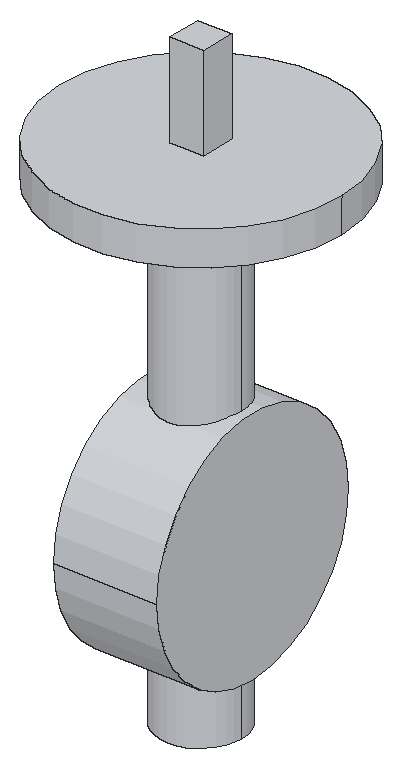
Revit family "HS497-68_disk-nerez_volné vřeteno DN040-RFA_2018", category Pipe Accessories, Revit 2018
Family settings
  Round Connector Dimension = Use Diameter
  Part Type = Valve - Breaks Into
  Work Plane-Based = No
  Always vertical = Yes
  Cut with Voids When Loaded = No
  Shared = No
Parameters (values of type "HS 497-68_DN040_PN16_volné vřeteno")
  magiProductId = "35f92312390745e88df5b5c325d9ee"
  magiProductFamilyId = "53cea81e6f374d17b8841d9c72ad77"
  magiPartTypeId = 305
  isMeasuringValve [instance] = no
  ang2D [instance] = 0.00°
  X11 = 61.456 mm
  X1 = 25.456 mm
  W2D = 1000 mm
  VersionID = "2.0/2017.9.26.1/ZETKAMA_497_001"
  Use Minimum Symbol Size [instance] = yes
  URL = "http://www.hydronic.cz"
  Type Comments = "mezipřírubová; nerezový disk; PN16; -10~+110°C (krátkodobě +120°C)"
  SW30 = no
  SW3 = no
  SW21 = no
  SW20 = no
  SW2 = no
  SW1 = yes
  R = 20 mm
  QmdConnectorList = "301;D;302;D"
  Productdata [instance] = ""
  NC = 50 mm
  Manufacturer = "Hydronic Systems Prague s.r.o."
  MM20 = 25.456 mm
  MC Product Code = "124 040 (nerezový disk, s volným vřetenem; DN40; PN16, kvs78)"
  M41 = 66 mm
  M4 = 44 mm
  LHL = 220 mm
  LHH3 = 2.45 mm
  LHH1 = 46.55 mm
  LH1 = 73.333 mm
  L4R__ve = -L4R  # -12.8 mm
  L4R = 12.8 mm
  L42__ve = -L42  # -96 mm
  L42 = 96 mm
  L41__ve = -L41  # -19.2 mm
  L41 = 19.2 mm
  L2D_Min = 3048 mm
  L2D = 216 mm
  L2 = 16.5 mm
  L1 = 26.4 mm
  L = 33 mm
  H = 30 mm
  G22 = 11.25 mm
  G2 = 22.5 mm
  G1 = 90 mm
  G = 90 mm
  F = 11 mm
  E44 = 31.25 mm
  E42 = 62.5 mm
  E4 = 125 mm
  E23 = 4.9 mm
  E22 = 19.6 mm
  E21 = 9.8 mm
  Description = "Mezipřírubová uzavírací klapka s volným vřetenem; nerezový disk, DN40; PN16; kvs78"
  DR2 = 20 mm
  DR = 76 mm
  DD1 = 15.625 mm
  DD = 12.5 mm
  D = 40 mm
  CAT0 = yes
  B2__ve = -B2  # -36 mm
  B2 = 36 mm
  A2 = 11 mm
  A1 = 79 mm
Types (43, lengths in mm): name | magiProductId | X11 | X1 | Type Comments | SW30 | SW3 | SW20 | SW2 | SW1 | R | NC | Manufacturer | MM20 | MC Product Code | M41 | M4 | LHL | LHH3 | LHH1 | LH1 | L4R__ve | L4R | L42__ve | L42 | L41__ve | L41 | L2 | L1 | L | H | G | F | E44 | E42 | E4 | E23 | E22 | E21 | Description | DR2 | DR | DD1 | DD | D | B2__ve | B2 | A2 | A1
  HS 497-68_DN100_PN16_volné vřeteno | "65d1b245f4f142c78569c0602d5754" | 61.456 | 25.456 | "mezipřírubová; nerezový disk; PN16; -10~+110°C (krátkodobě +120°C)" | no | no | no | no | yes | 50 | 50 | "Hydronic Systems Prague s.r.o." | 25.456 | "124 100 (nerezový disk, s volným vřetenem; DN100; PN16, kvs512)" | 66 | 44 | 220 | 2.45 | 46.55 | 73.333 | -12.8 | 12.8 | -96 | 96 | -19.2 | 19.2 | 26 | 41.6 | 52 | 30 | 90 | 11 | 31.25 | 62.5 | 125 | 4.9 | 19.6 | 9.8 | "Mezipřírubová uzavírací klapka s volným vřetenem; nerezový disk, DN100; PN16; kvs512" | 50 | 147 | 15.625 | 12.5 | 100 | -56 | 56 | 16.5 | 98.5
  HS 497-68_DN100_PN16_převodové kolo | "11e91b807e674d428c8e796fcdcfe2" | 61.456 | 25.456 | "mezipřírubová; nerezový disk; PN16; -10~+110°C (krátkodobě +120°C)" | yes | yes | no | no | no | 50 | 50 | "Hydronic Systems Prague s.r.o." | 25.456 | "126 100 (nerezový disk, s převodovým kolem; DN100; PN16, kvs512)" | 65.25 | 43.5 | 220 | 2.45 | 46.55 | 73.333 | -12.8 | 12.8 | -96 | 96 | -19.2 | 19.2 | 26 | 41.6 | 52 | 30 | 90 | 11 | 31.25 | 62.5 | 125 | 4.9 | 19.6 | 9.8 | "Mezipřírubová uzavírací klapka s převodovým kolem; nerezový disk, DN100; PN16; kvs512" | 50 | 147 | 15.625 | 12.5 | 100 | -56 | 56 | 16.5 | 98.5
  HS 497-68_DN100_PN16_s pákou | "28172f0b3f4b47b28323ac71cf8749" | 61.456 | 25.456 | "mezipřírubová; nerezový disk; PN16; -10~+110°C (krátkodobě +120°C)" | no | no | yes | yes | no | 50 | 50 | "Hydronic Systems Prague s.r.o." | 25.456 | "121 100 (nerezový disk, s pákou; DN100; PN16, kvs512)" | 66 | 44 | 260 | 3 | 57 | 86.667 | -12.8 | 12.8 | -96 | 96 | -19.2 | 19.2 | 26 | 41.6 | 52 | 30 | 90 | 11 | 31.25 | 62.5 | 125 | 6 | 24 | 12 | "Mezipřírubová uzavírací klapka s pákou; nerezový disk, DN100; PN16; kvs512" | 50 | 147 | 15.625 | 12.5 | 100 | -56 | 56 | 16.5 | 98.5
  HS 497-68_DN125_PN16_volné vřeteno | "0d813d910fc14f628bb3c2efbd185c" | 61.456 | 25.456 | "mezipřírubová; nerezový disk; PN16; -10~+110°C (krátkodobě +120°C)" | no | no | no | no | yes | 62.5 | 50 | "Hydronic Systems Prague s.r.o." | 25.456 | "124 125 (nerezový disk, s volným vřetenem; DN125; PN16, kvs872)" | 66 | 44 | 220 | 2.45 | 46.55 | 73.333 | -12.8 | 12.8 | -96 | 96 | -19.2 | 19.2 | 28 | 44.8 | 56 | 33 | 90 | 14 | 31.25 | 62.5 | 125 | 4.9 | 19.6 | 9.8 | "Mezipřírubová uzavírací klapka s volným vřetenem; nerezový disk, DN125; PN16; kvs872" | 62.5 | 180 | 15.625 | 12.5 | 125 | -64 | 64 | 18 | 99.5
  HS 497-68_DN125_PN16_převodové kolo | "c56b7c13f372467684996fb1e0e229" | 61.456 | 25.456 | "mezipřírubová; nerezový disk; PN16; -10~+110°C (krátkodobě +120°C)" | yes | yes | no | no | no | 62.5 | 50 | "Hydronic Systems Prague s.r.o." | 25.456 | "126125 (nerezový disk, s převodovým kolem; DN125; PN16, kvs872)" | 65.25 | 43.5 | 220 | 2.45 | 46.55 | 73.333 | -13.5 | 13.5 | -101.25 | 101.25 | -20.25 | 20.25 | 28 | 44.8 | 56 | 33 | 90 | 14 | 40 | 80 | 160 | 4.9 | 19.6 | 9.8 | "Mezipřírubová uzavírací klapka s převodovým kolem; nerezový disk, DN125; PN16; kvs872" | 62.5 | 180 | 20 | 16 | 125 | -64 | 64 | 18 | 99.5
  HS 497-68_DN125_PN16_s pákou | "105993c79a91492399feef7931321a" | 61.456 | 25.456 | "mezipřírubová; nerezový disk; PN16; -10~+110°C (krátkodobě +120°C)" | no | no | yes | yes | no | 62.5 | 50 | "Hydronic Systems Prague s.r.o." | 25.456 | "121 125 (nerezový disk, s pákou; DN125; PN16, kvs872)" | 66 | 44 | 315 | 3.75 | 71.25 | 105 | -12.8 | 12.8 | -96 | 96 | -19.2 | 19.2 | 28 | 44.8 | 56 | 33 | 90 | 14 | 31.25 | 62.5 | 125 | 7.5 | 30 | 15 | "Mezipřírubová uzavírací klapka s pákou; nerezový disk, DN125; PN16; kvs872" | 62.5 | 180 | 15.625 | 12.5 | 125 | -64 | 64 | 18 | 99.5
  HS 497-68_DN150_PN16_volné vřeteno | "50c80cb8ab434f55ab7796e5ac1331" | 61.456 | 25.456 | "mezipřírubová; nerezový disk; PN16; -10~+110°C (krátkodobě +120°C)" | no | no | no | no | yes | 75 | 50 | "Hydronic Systems Prague s.r.o." | 25.456 | "124 150 (nerezový disk, s volným vřetenem; DN150; PN16, kvs1347)" | 66 | 44 | 220 | 2.45 | 46.55 | 73.333 | -12.8 | 12.8 | -96 | 96 | -19.2 | 19.2 | 28 | 44.8 | 56 | 33 | 90 | 14 | 31.25 | 62.5 | 125 | 4.9 | 19.6 | 9.8 | "Mezipřírubová uzavírací klapka s volným vřetenem; nerezový disk, DN150; PN16; kvs1347" | 75 | 206 | 15.625 | 12.5 | 150 | -58 | 58 | 19.3 | 98.7
  HS 497-68_DN150_PN16_převodové kolo | "d94a1a0cf83b476eb10011b327f709" | 61.456 | 25.456 | "mezipřírubová; nerezový disk; PN16; -10~+110°C (krátkodobě +120°C)" | yes | yes | no | no | no | 75 | 50 | "Hydronic Systems Prague s.r.o." | 25.456 | "126 150 (nerezový disk, s převodovým kolem; DN150; PN16, kvs1347)" | 65.25 | 43.5 | 220 | 2.45 | 46.55 | 73.333 | -13.5 | 13.5 | -101.25 | 101.25 | -20.25 | 20.25 | 28 | 44.8 | 56 | 33 | 90 | 14 | 40 | 80 | 160 | 4.9 | 19.6 | 9.8 | "Mezipřírubová uzavírací klapka s převodovým kolem; nerezový disk, DN150; PN16; kvs1347" | 75 | 206 | 20 | 16 | 150 | -58 | 58 | 19.3 | 98.7
  HS 497-68_DN150_PN16_s pákou | "4d2835523fe84828bc50ff0a5a0dfb" | 61.456 | 25.456 | "mezipřírubová; nerezový disk; PN16; -10~+110°C (krátkodobě +120°C)" | no | no | yes | yes | no | 75 | 50 | "Hydronic Systems Prague s.r.o." | 25.456 | "121 150 (nerezový disk, s pákou; DN150; PN16, kvs1347)" | 66 | 44 | 315 | 3.75 | 71.25 | 105 | -12.8 | 12.8 | -96 | 96 | -19.2 | 19.2 | 28 | 44.8 | 56 | 33 | 90 | 14 | 31.25 | 62.5 | 125 | 7.5 | 30 | 15 | "Mezipřírubová uzavírací klapka s pákou; nerezový disk, DN150; PN16; kvs1347" | 75 | 206 | 15.625 | 12.5 | 150 | -58 | 58 | 19.3 | 98.7
  HS 497-68_DN200_PN16_volné vřeteno | "5b29029eaeba47139ee1055a4b9201" | 61.456 | 25.456 | "mezipřírubová; nerezový disk; PN16; -10~+110°C (krátkodobě +120°C)" | no | no | no | no | yes | 100 | 50 | "Hydronic Systems Prague s.r.o." | 25.456 | "124 200 (nerezový disk, s volným vřetenem; DN200; PN16, kvs2675)" | 66 | 44 | 220 | 2.45 | 46.55 | 73.333 | -12.8 | 12.8 | -96 | 96 | -19.2 | 19.2 | 30 | 48 | 60 | 33 | 90 | 17 | 31.25 | 62.5 | 125 | 4.9 | 19.6 | 9.8 | "Mezipřírubová uzavírací klapka s volným vřetenem; nerezový disk, DN200; PN16; kvs2675" | 100 | 257 | 15.625 | 12.5 | 200 | -70 | 70 | 22.5 | 102.5
  HS 497-68_DN200_PN16_převodové kolo | "b2793cc1fcc44cf2a35062cd67c04f" | 61.456 | 25.456 | "mezipřírubová; nerezový disk; PN16; -10~+110°C (krátkodobě +120°C)" | yes | yes | no | no | no | 100 | 57 | "Hydronic Systems Prague s.r.o." | 25.456 | "126 200 (nerezový disk, s převodovým kolem; DN200; PN16, kvs2675)" | 78.75 | 52.5 | 220 | 2.45 | 46.55 | 73.333 | -15.2 | 15.2 | -114 | 114 | -22.8 | 22.8 | 30 | 48 | 60 | 33 | 90 | 17 | 50 | 100 | 200 | 4.9 | 19.6 | 9.8 | "Mezipřírubová uzavírací klapka s převodovým kolem; nerezový disk, DN200; PN16; kvs2675" | 100 | 257 | 25 | 20 | 200 | -70 | 70 | 22.5 | 102.5
  HS 497-68_DN200_PN16_s pákou | "f88d96c7af224537a51e72d7d8fffe" | 61.456 | 25.456 | "mezipřírubová; nerezový disk; PN16; -10~+110°C (krátkodobě +120°C)" | no | no | yes | yes | no | 100 | 50 | "Hydronic Systems Prague s.r.o." | 25.456 | "121 200 (nerezový disk, s pákou; DN200; PN16, kvs2675)" | 66 | 44 | 315 | 3.75 | 71.25 | 105 | -12.8 | 12.8 | -96 | 96 | -19.2 | 19.2 | 30 | 48 | 60 | 33 | 90 | 17 | 31.25 | 62.5 | 125 | 7.5 | 30 | 15 | "Mezipřírubová uzavírací klapka s pákou; nerezový disk, DN200; PN16; kvs2675" | 100 | 257 | 15.625 | 12.5 | 200 | -70 | 70 | 22.5 | 102.5
  HS 497-68_DN250_PN16_volné vřeteno | "b662e8305ca2402b9c510e66e6aa55" | 88.77 | 36.77 | "mezipřírubová; nerezový disk; PN16; -10~+110°C (krátkodobě +120°C)" | no | no | no | no | yes | 125 | 50 | "Hydronic Systems Prague s.r.o." | 36.77 | "124 250 (nerezový disk, s volným vřetenem; DN250; PN16, kvs4555)" | 66 | 44 | 220 | 2.45 | 46.55 | 73.333 | -12.8 | 12.8 | -96 | 96 | -19.2 | 19.2 | 34 | 54.4 | 68 | 23 | 130 | 22 | 31.25 | 62.5 | 125 | 4.9 | 19.6 | 9.8 | "Mezipřírubová uzavírací klapka s volným vřetenem; nerezový disk, DN250; PN16; kvs4555" | 125 | 324 | 15.625 | 12.5 | 250 | -85 | 85 | 28.25 | 129.25
  HS 497-68_DN250_PN16_převodové kolo | "5ee9016806664ddfaa2632711f295c" | 88.77 | 36.77 | "mezipřírubová; nerezový disk; PN16; -10~+110°C (krátkodobě +120°C)" | yes | yes | no | no | no | 125 | 70 | "Hydronic Systems Prague s.r.o." | 36.77 | "126 250 (nerezový disk, s převodovým kolem; DN250; PN16, kvs4555)" | 91.5 | 61 | 220 | 2.45 | 46.55 | 73.333 | -22.2 | 22.2 | -166.5 | 166.5 | -33.3 | 33.3 | 34 | 54.4 | 68 | 23 | 130 | 22 | 62.5 | 125 | 250 | 4.9 | 19.6 | 9.8 | "Mezipřírubová uzavírací klapka s převodovým kolem; nerezový disk, DN250; PN16; kvs4555" | 125 | 324 | 31.25 | 25 | 250 | -85 | 85 | 28.25 | 129.25
  HS 497-68_DN300_PN16_volné vřeteno | "e1886f51ff004380a649519258edf2" | 88.77 | 36.77 | "mezipřírubová; nerezový disk; PN16; -10~+110°C (krátkodobě +120°C)" | no | no | no | no | yes | 150 | 50 | "Hydronic Systems Prague s.r.o." | 36.77 | "124 300 (nerezový disk, s volným vřetenem; DN300; PN16, kvs7037)" | 66 | 44 | 220 | 2.45 | 46.55 | 73.333 | -12.8 | 12.8 | -96 | 96 | -19.2 | 19.2 | 39 | 62.4 | 78 | 23 | 130 | 22 | 31.25 | 62.5 | 125 | 4.9 | 19.6 | 9.8 | "Mezipřírubová uzavírací klapka s volným vřetenem; nerezový disk, DN300; PN16; kvs7037" | 150 | 376 | 15.625 | 12.5 | 300 | -90 | 90 | 30.8 | 127.2
  HS 497-68_DN300_PN16_převodové kolo | "6860f094f77d42088fbebc3c97f755" | 88.77 | 36.77 | "mezipřírubová; nerezový disk; PN16; -10~+110°C (krátkodobě +120°C)" | yes | yes | no | no | no | 150 | 70 | "Hydronic Systems Prague s.r.o." | 36.77 | "126 300 (nerezový disk, s převodovým kolem; DN300; PN16, kvs7037)" | 91.5 | 61 | 220 | 2.45 | 46.55 | 73.333 | -22.2 | 22.2 | -166.5 | 166.5 | -33.3 | 33.3 | 39 | 62.4 | 78 | 23 | 130 | 22 | 62.5 | 125 | 250 | 4.9 | 19.6 | 9.8 | "Mezipřírubová uzavírací klapka s převodovým kolem; nerezový disk, DN300; PN16; kvs7037" | 150 | 376 | 31.25 | 25 | 300 | -90 | 90 | 30.8 | 127.2
  HS 497-68_DN032_PN16_volné vřeteno | "8c5f65de52aa4067a77564107e31b2" | 61.456 | 25.456 | "mezipřírubová; nerezový disk; PN16; -10~+110°C (krátkodobě +120°C)" | no | no | no | no | yes | 16 | 50 | "Hydronic Systems Prague s.r.o." | 25.456 | "124 032 (nerezový disk, s volným vřetenem; DN32; PN16, kvs78)" | 66 | 44 | 220 | 2.45 | 46.55 | 73.333 | -12.8 | 12.8 | -96 | 96 | -19.2 | 19.2 | 16.5 | 26.4 | 33 | 30 | 90 | 11 | 31.25 | 62.5 | 125 | 4.9 | 19.6 | 9.8 | "Mezipřírubová uzavírací klapka s volným vřetenem; nerezový disk, DN32; PN16; kvs78" | 16 | 68 | 15.625 | 12.5 | 32 | -44.2 | 44.2 | 10.25 | 76.25
  HS 497-68_DN032_PN16_převodové kolo | "60aaeffa8b3a4e809ef000e4660060" | 61.456 | 25.456 | "mezipřírubová; nerezový disk; PN16; -10~+110°C (krátkodobě +120°C)" | yes | yes | no | no | no | 16 | 50 | "Hydronic Systems Prague s.r.o." | 25.456 | "126 032 (nerezový disk, s převodovým kolem; DN32; PN16, kvs78)" | 65.25 | 43.5 | 220 | 2.45 | 46.55 | 73.333 | -12.8 | 12.8 | -96 | 96 | -19.2 | 19.2 | 16.5 | 26.4 | 33 | 30 | 90 | 11 | 31.25 | 62.5 | 125 | 4.9 | 19.6 | 9.8 | "Mezipřírubová uzavírací klapka s převodovým kolem; nerezový disk, DN32; PN16; kvs78" | 16 | 68 | 15.625 | 12.5 | 32 | -44.2 | 44.2 | 10.25 | 76.25
  HS 497-68_DN032_PN16_s pákou | "9ad8088d610749a1b871aa2aad8007" | 61.456 | 25.456 | "mezipřírubová; nerezový disk; PN16; -10~+110°C (krátkodobě +120°C)" | no | no | yes | yes | no | 16 | 50 | "Hydronic Systems Prague s.r.o." | 25.456 | "121 032 (nerezový disk, s pákou; DN32; PN16, kvs78)" | 66 | 44 | 220 | 2.45 | 46.55 | 73.333 | -12.8 | 12.8 | -96 | 96 | -19.2 | 19.2 | 16.5 | 26.4 | 33 | 30 | 90 | 11 | 31.25 | 62.5 | 125 | 4.9 | 19.6 | 9.8 | "Mezipřírubová uzavírací klapka s pákou; nerezový disk, DN32; PN16; kvs78" | 16 | 68 | 15.625 | 12.5 | 32 | -44.2 | 44.2 | 10.25 | 76.25
  HS 497-68_DN350_PN10_volné vřeteno | "72a1e05f22944421b7e9596a877137" | 109.255 | 45.255 | "mezipřírubová; nerezový disk; PN10; -10~+110°C (krátkodobě +120°C)" | no | no | no | no | yes | 175 | 50 | "Hydronic Systems Prague s.r.o." | 45.255 | "124 350 (nerezový disk, s volným vřetenem; DN350; PN10, kvs10165)" | 66 | 44 | 220 | 2.45 | 46.55 | 73.333 | -12.8 | 12.8 | -96 | 96 | -19.2 | 19.2 | 39 | 62.4 | 78 | 31 | 160 | 22 | 31.25 | 62.5 | 125 | 4.9 | 19.6 | 9.8 | "Mezipřírubová uzavírací klapka s volným vřetenem; nerezový disk, DN350; PN10; kvs10165" | 175 | 430 | 15.625 | 12.5 | 350 | -88 | 88 | 33.85 | 129.65
  HS 497-68_DN350_PN10_převodové kolo | "a5a01426cb28494ba3afca92f1dace" | 109.255 | 45.255 | "mezipřírubová; nerezový disk; PN10; -10~+110°C (krátkodobě +120°C)" | yes | yes | no | no | no | 175 | 70 | "Hydronic Systems Prague s.r.o." | 45.255 | "126 350 (nerezový disk, s převodovým kolem; DN350; PN10, kvs10165)" | 91.5 | 61 | 220 | 2.45 | 46.55 | 73.333 | -22.2 | 22.2 | -166.5 | 166.5 | -33.3 | 33.3 | 39 | 62.4 | 78 | 31 | 160 | 22 | 62.5 | 125 | 250 | 4.9 | 19.6 | 9.8 | "Mezipřírubová uzavírací klapka s převodovým kolem; nerezový disk, DN350; PN10; kvs10165" | 175 | 430 | 31.25 | 25 | 350 | -88 | 88 | 33.85 | 129.65
  HS 497-68_DN400_PN10_volné vřeteno | "c70ebeb927c04ab99b176e257ad0a7" | 109.255 | 45.255 | "mezipřírubová; nerezový disk; PN10; -10~+110°C (krátkodobě +120°C)" | no | no | no | no | yes | 200 | 50 | "Hydronic Systems Prague s.r.o." | 45.255 | "124 400 (nerezový disk, s volným vřetenem; DN400; PN10, kvs13799)" | 66 | 44 | 220 | 2.45 | 46.55 | 73.333 | -12.8 | 12.8 | -96 | 96 | -19.2 | 19.2 | 51 | 81.6 | 102 | 31 | 160 | 27 | 31.25 | 62.5 | 125 | 4.9 | 19.6 | 9.8 | "Mezipřírubová uzavírací klapka s volným vřetenem; nerezový disk, DN400; PN10; kvs13799" | 200 | 485 | 15.625 | 12.5 | 400 | -108 | 108 | 38 | 142
  HS 497-68_DN400_PN10_převodové kolo | "cc64a4384dcb41b780d81810f4f293" | 109.255 | 45.255 | "mezipřírubová; nerezový disk; PN10; -10~+110°C (krátkodobě +120°C)" | yes | yes | no | no | no | 200 | 72.5 | "Hydronic Systems Prague s.r.o." | 45.255 | "126 400 (nerezový disk, s převodovým kolem; DN400; PN10, kvs13799)" | 103.5 | 69 | 220 | 2.45 | 46.55 | 73.333 | -27.8 | 27.8 | -208.5 | 208.5 | -41.7 | 41.7 | 51 | 81.6 | 102 | 31 | 160 | 27 | 75 | 150 | 300 | 4.9 | 19.6 | 9.8 | "Mezipřírubová uzavírací klapka s převodovým kolem; nerezový disk, DN400; PN10; kvs13799" | 200 | 485 | 37.5 | 30 | 400 | -108 | 108 | 38 | 142
  HS 497-68_DN040_PN16_volné vřeteno | "35f92312390745e88df5b5c325d9ee" | 61.456 | 25.456 | "mezipřírubová; nerezový disk; PN16; -10~+110°C (krátkodobě +120°C)" | no | no | no | no | yes | 20 | 50 | "Hydronic Systems Prague s.r.o." | 25.456 | "124 040 (nerezový disk, s volným vřetenem; DN40; PN16, kvs78)" | 66 | 44 | 220 | 2.45 | 46.55 | 73.333 | -12.8 | 12.8 | -96 | 96 | -19.2 | 19.2 | 16.5 | 26.4 | 33 | 30 | 90 | 11 | 31.25 | 62.5 | 125 | 4.9 | 19.6 | 9.8 | "Mezipřírubová uzavírací klapka s volným vřetenem; nerezový disk, DN40; PN16; kvs78" | 20 | 76 | 15.625 | 12.5 | 40 | -36 | 36 | 11 | 79
  HS 497-68_DN040_PN16_převodové kolo | "d88e968eae3445bc9b7b4e6ff35127" | 61.456 | 25.456 | "mezipřírubová; nerezový disk; PN16; -10~+110°C (krátkodobě +120°C)" | yes | yes | no | no | no | 20 | 50 | "Hydronic Systems Prague s.r.o." | 25.456 | "126 040 (nerezový disk, s převodovým kolem; DN40; PN16, kvs78)" | 65.25 | 43.5 | 220 | 2.45 | 46.55 | 73.333 | -12.8 | 12.8 | -96 | 96 | -19.2 | 19.2 | 16.5 | 26.4 | 33 | 30 | 90 | 11 | 31.25 | 62.5 | 125 | 4.9 | 19.6 | 9.8 | "Mezipřírubová uzavírací klapka s převodovým kolem; nerezový disk, DN40; PN16; kvs78" | 20 | 76 | 15.625 | 12.5 | 40 | -36 | 36 | 11 | 79
  HS 497-68_DN040_PN16_s pákou | "c1b522ca65b4407a98818f232eaacb" | 61.456 | 25.456 | "mezipřírubová; nerezový disk; PN16; -10~+110°C (krátkodobě +120°C)" | no | no | yes | yes | no | 20 | 50 | "Hydronic Systems Prague s.r.o." | 25.456 | "121 040 (nerezový disk, s pákou; DN40; PN16, kvs78)" | 66 | 44 | 220 | 2.45 | 46.55 | 73.333 | -12.8 | 12.8 | -96 | 96 | -19.2 | 19.2 | 16.5 | 26.4 | 33 | 30 | 90 | 11 | 31.25 | 62.5 | 125 | 4.9 | 19.6 | 9.8 | "Mezipřírubová uzavírací klapka s pákou; nerezový disk, DN40; PN16; kvs78" | 20 | 76 | 15.625 | 12.5 | 40 | -36 | 36 | 11 | 79
  HS 497-68_DN450_PN10_volné vřeteno | "a8358bc282f14872b3194e530e590a" | 129.74 | 53.74 | "mezipřírubová; nerezový disk; PN10; -10~+110°C (krátkodobě +120°C)" | no | no | no | no | yes | 225 | 50 | "Hydronic Systems Prague s.r.o." | 53.74 | "124 450 (nerezový disk, s volným vřetenem; DN450; PN10, kvs18514)" | 66 | 44 | 220 | 2.45 | 46.55 | 73.333 | -12.8 | 12.8 | -96 | 96 | -19.2 | 19.2 | 57 | 91.2 | 114 | 38 | 190 | 36 | 31.25 | 62.5 | 125 | 4.9 | 19.6 | 9.8 | "Mezipřírubová uzavírací klapka s volným vřetenem; nerezový, DN450; PN10; kvs18514" | 225 | 536 | 15.625 | 12.5 | 450 | -115 | 115 | 38.05 | 117.45
  HS 497-68_DN450_PN10_převodové kolo | "cdf2d80f54a9414f9cbe50647c0ebd" | 129.74 | 53.74 | "mezipřírubová; nerezový disk; PN10; -10~+110°C (krátkodobě +120°C)" | yes | yes | no | no | no | 225 | 91.5 | "Zetkama" | 53.74 | "126 450 (nerezový disk, s převodovým kolem; DN450; PN10, kvs18514)" | 144.75 | 96.5 | 220 | 2.45 | 46.55 | 73.333 | -32.1 | 32.1 | -240.75 | 240.75 | -48.15 | 48.15 | 57 | 91.2 | 114 | 38 | 190 | 36 | 100 | 200 | 400 | 4.9 | 19.6 | 9.8 | "Mezipřírubová uzavírací klapka s převodovým kolem; nerezový disk, DN450; PN10; kvs18514" | 225 | 536 | 50 | 40 | 450 | -115 | 115 | 38.05 | 117.45
  HS 497-68_DN500_PN10_volné vřeteno | "8c396e27bb2743f98f3c762b6517cd" | 143.397 | 59.397 | "mezipřírubová; nerezový disk; PN10; -10~+110°C (krátkodobě +120°C)" | no | no | no | no | yes | 250 | 50 | "Hydronic Systems Prague s.r.o." | 59.397 | "124 500 (nerezový disk, s volným vřetenem; DN500; PN10, kvs23805)" | 66 | 44 | 220 | 2.45 | 46.55 | 73.333 | -12.8 | 12.8 | -96 | 96 | -19.2 | 19.2 | 63.5 | 101.6 | 127 | 38 | 210 | 36 | 31.25 | 62.5 | 125 | 4.9 | 19.6 | 9.8 | "Mezipřírubová uzavírací klapka s volným vřetenem; nerezový disk, DN500; PN10; kvs23805" | 250 | 593 | 15.625 | 12.5 | 500 | -130 | 130 | 43.25 | 139.25
  HS 497-68_DN500_PN10_převodové kolo | "7647804f32e94cef828a7034a91a46" | 143.397 | 59.397 | "mezipřírubová; nerezový disk; PN10; -10~+110°C (krátkodobě +120°C)" | yes | yes | no | no | no | 250 | 91.5 | "Zetkama" | 59.397 | "126 500 (nerezový disk, s převodovým kolem; DN500; PN10, kvs23805)" | 144.75 | 96.5 | 220 | 2.45 | 46.55 | 73.333 | -32.1 | 32.1 | -240.75 | 240.75 | -48.15 | 48.15 | 63.5 | 101.6 | 127 | 38 | 210 | 36 | 100 | 200 | 400 | 4.9 | 19.6 | 9.8 | "Mezipřírubová uzavírací klapka s převodovým kolem; nerezový disk, DN500; PN10; kvs23805" | 250 | 593 | 50 | 40 | 500 | -130 | 130 | 43.25 | 139.25
  HS 497-68_DN050_volné vřeteno | "d71f296ecd6d4adf8f6e5d9853b4e0" | 61.456 | 25.456 | "mezipřírubová; nerezový disk; PN16; -10~+110°C (krátkodobě +120°C)" | no | no | no | no | yes | 25 | 50 | "Hydronic Systems Prague s.r.o." | 25.456 | "124 050 (nerezový disk, s volným vřetenem; DN50; PN16, kvs98)" | 66 | 44 | 220 | 2.45 | 46.55 | 73.333 | -12.8 | 12.8 | -96 | 96 | -19.2 | 19.2 | 21.5 | 34.4 | 43 | 30 | 90 | 11 | 31.25 | 62.5 | 125 | 4.9 | 19.6 | 9.8 | "Mezipřírubová uzavírací klapka s volným vřetenem; nerezový disk, DN50; PN16; kvs98" | 25 | 100 | 15.625 | 12.5 | 50 | -36.5 | 36.5 | 12 | 83
  HS 497-68_DN050_PN16_převodové kolo | "2fb080deeaed49c58418b94c1da5a4" | 61.456 | 25.456 | "mezipřírubová; nerezový disk; PN16; -10~+110°C (krátkodobě +120°C)" | yes | yes | no | no | no | 25 | 50 | "Hydronic Systems Prague s.r.o." | 25.456 | "126 050 (nerezový disk, s převodovým kolem; DN50; PN16, kvs98)" | 65.25 | 43.5 | 220 | 2.45 | 46.55 | 73.333 | -12.8 | 12.8 | -96 | 96 | -19.2 | 19.2 | 21.5 | 34.4 | 43 | 30 | 90 | 11 | 31.25 | 62.5 | 125 | 4.9 | 19.6 | 9.8 | "Mezipřírubová uzavírací klapka s převodovým kolem; nerezový disk, DN50; PN16; kvs98" | 25 | 100 | 15.625 | 12.5 | 50 | -36.5 | 36.5 | 12 | 83
  HS 497-68_DN050_PN16_s pákou | "dabc632061f94877a994b9b4e68112" | 61.456 | 25.456 | "mezipřírubová; nerezový disk; PN16; -10~+110°C (krátkodobě +120°C)" | no | no | yes | yes | no | 25 | 50 | "Hydronic Systems Prague s.r.o." | 25.456 | "121 050 (nerezový disk, s pákou; DN50; PN16, kvs98)" | 66 | 44 | 220 | 2.45 | 46.55 | 73.333 | -12.8 | 12.8 | -96 | 96 | -19.2 | 19.2 | 21.5 | 34.4 | 43 | 30 | 90 | 11 | 31.25 | 62.5 | 125 | 4.9 | 19.6 | 9.8 | "Mezipřírubová uzavírací klapka s pákou; nerezový disk, DN50; PN16; kvs98" | 25 | 100 | 15.625 | 12.5 | 50 | -36.5 | 36.5 | 12 | 83
  HS 497-68_DN600_PN10_volné vřeteno | "99d5892c14664fce81a7c5903f7711" | 143.397 | 59.397 | "mezipřírubová; nerezový disk; PN10; -10~+110°C (krátkodobě +120°C)" | no | no | no | no | yes | 300 | 50 | "Hydronic Systems Prague s.r.o." | 59.397 | "124 600 (nerezový disk, s volným vřetenem; DN600; PN10, kvs36778)" | 66 | 44 | 220 | 2.45 | 46.55 | 73.333 | -12.8 | 12.8 | -96 | 96 | -19.2 | 19.2 | 77 | 123.2 | 154 | 80 | 210 | 60 | 31.25 | 62.5 | 125 | 4.9 | 19.6 | 9.8 | "Mezipřírubová uzavírací klapka s volným vřetenem; nerezový disk, DN600; PN10; kvs36788" | 300 | 690 | 15.625 | 12.5 | 600 | -140 | 140 | 49.4 | 144.6
  HS 497-68_DN600_PN10_převodové kolo | "b1e26faab48a4c499f6bb11e7e3002" | 143.397 | 59.397 | "mezipřírubová; lnerezový disk; PN10; -10~+110°C (krátkodobě +120°C)" | yes | yes | no | no | no | 300 | 140 | "Hydronic Systems Prague s.r.o." | 59.397 | "126 600 (nerezový disk, s převodovým kolem; DN600; PN10, kvs36778)" | 206.25 | 137.5 | 220 | 2.45 | 46.55 | 73.333 | -40.8 | 40.8 | -306 | 306 | -61.2 | 61.2 | 77 | 123.2 | 154 | 80 | 210 | 60 | 125 | 250 | 500 | 4.9 | 19.6 | 9.8 | "Mezipřírubová uzavírací klapka s převodovým kolem; nerezový disk, DN600; PN10; kvs36788" | 300 | 690 | 62.5 | 50 | 600 | -140 | 140 | 49.4 | 144.6
  HS 497-68_DN065_PN16_volné vřeteno | "5e5e208646e34ec29f889baab5d08e" | 61.456 | 25.456 | "mezipřírubová; lnerezový disk; PN16; -10~+110°C (krátkodobě +120°C)" | no | no | no | no | yes | 32.5 | 50 | "Hydronic Systems Prague s.r.o." | 25.456 | "124 065 (nerezový disk, s volným vřetenem; DN65; PN16, kvs167)" | 66 | 44 | 220 | 2.45 | 46.55 | 73.333 | -12.8 | 12.8 | -96 | 96 | -19.2 | 19.2 | 23 | 36.8 | 46 | 30 | 90 | 11 | 31.25 | 62.5 | 125 | 4.9 | 19.6 | 9.8 | "Mezipřírubová uzavírací klapka s volným vřetenem; nerezový disk, DN65; PN16; kv167" | 32.5 | 108 | 15.625 | 12.5 | 65 | -36.5 | 36.5 | 13.5 | 89
  HS 497-68_DN065_PN16_převodové kolo | "654d74c8d15540b0bfe523d988ccb3" | 61.456 | 25.456 | "mezipřírubová; nerezový disk; PN16; -10~+110°C (krátkodobě +120°C)" | yes | yes | no | no | no | 32.5 | 50 | "Hydronic Systems Prague s.r.o." | 25.456 | "126 065 (nerezový disk, s převodovým kolem; DN65; PN16, kvs167)" | 65.25 | 43.5 | 220 | 2.45 | 46.55 | 73.333 | -12.8 | 12.8 | -96 | 96 | -19.2 | 19.2 | 23 | 36.8 | 46 | 30 | 90 | 11 | 31.25 | 62.5 | 125 | 4.9 | 19.6 | 9.8 | "Mezipřírubová uzavírací klapka s převodovým kolem; nerezový disk, DN65; PN16; kvs167" | 32.5 | 108 | 15.625 | 12.5 | 65 | -36.5 | 36.5 | 13.5 | 89
  HS 497-68_DN065_PN16_s pákou | "ebeb4b59db0641caaf6d6635ab37b9" | 61.456 | 25.456 | "mezipřírubová; nerezový disk; PN16; -10~+110°C (krátkodobě +120°C)" | no | no | yes | yes | no | 32.5 | 50 | "Hydronic Systems Prague s.r.o." | 25.456 | "121 065 (nerezový disk, s pákou; DN65; PN16, kvs167)" | 66 | 44 | 220 | 2.45 | 46.55 | 73.333 | -12.8 | 12.8 | -96 | 96 | -19.2 | 19.2 | 23 | 36.8 | 46 | 30 | 90 | 11 | 31.25 | 62.5 | 125 | 4.9 | 19.6 | 9.8 | "Mezipřírubová uzavírací klapka s pákou; nerezový disk, DN65; PN16; kvs167" | 32.5 | 108 | 15.625 | 12.5 | 65 | -36.5 | 36.5 | 13.5 | 89
  HS 497-68_DN080_PN16_volné vřeteno | "9e85c75c18654e1185a9c48ed6b00e" | 61.456 | 25.456 | "mezipřírubová; nerezový disk; PN16; -10~+110°C (krátkodobě +120°C)" | no | no | no | no | yes | 40 | 50 | "Hydronic Systems Prague s.r.o." | 25.456 | "124 080 (nerezový disk, s volným vřetenem; DN80; PN16, kvs258)" | 66 | 44 | 220 | 2.45 | 46.55 | 73.333 | -12.8 | 12.8 | -96 | 96 | -19.2 | 19.2 | 23 | 36.8 | 46 | 30 | 90 | 11 | 31.25 | 62.5 | 125 | 4.9 | 19.6 | 9.8 | "Mezipřírubová uzavírací klapka s volným vřetenem; nerezový disk, DN80; PN16; kvs258" | 40 | 124 | 15.625 | 12.5 | 80 | -54 | 54 | 14.1 | 86.9
  HS 497-68_DN080_PN16_převodové kolo | "5b3c8238c3d041e68c75b199e7ea46" | 61.456 | 25.456 | "mezipřírubová; nerezový disk; PN16; -10~+110°C (krátkodobě +120°C)" | yes | yes | no | no | no | 40 | 50 | "Hydronic Systems Prague s.r.o." | 25.456 | "126 080 (nerezový disk, s převodovým kolem; DN80; PN16, kvs258)" | 65.25 | 43.5 | 220 | 2.45 | 46.55 | 73.333 | -12.8 | 12.8 | -96 | 96 | -19.2 | 19.2 | 23 | 36.8 | 46 | 30 | 90 | 11 | 31.25 | 62.5 | 125 | 4.9 | 19.6 | 9.8 | "Mezipřírubová uzavírací klapka s převodovým kolem; nerezový disk, DN80; PN16; kvs258" | 40 | 124 | 15.625 | 12.5 | 80 | -54 | 54 | 14.1 | 86.9
  HS 497-68_DN080_PN16_s pákou | "e414795fab0f4eccb99bc3572c5477" | 61.456 | 25.456 | "mezipřírubová; nerezový disk; PN16; -10~+110°C (krátkodobě +120°C)" | no | no | yes | yes | no | 40 | 50 | "Hydronic Systems Prague s.r.o." | 25.456 | "121 080 (nerezový disk, s pákou; DN80; PN16, kvs258)" | 66 | 44 | 260 | 3 | 57 | 86.667 | -12.8 | 12.8 | -96 | 96 | -19.2 | 19.2 | 23 | 36.8 | 46 | 30 | 90 | 11 | 31.25 | 62.5 | 125 | 6 | 24 | 12 | "Mezipřírubová uzavírací klapka s pákou; nerezový disk, DN80; PN16; kvs258" | 40 | 124 | 15.625 | 12.5 | 80 | -54 | 54 | 14.1 | 86.9
  HS 497-68_DN250_PN16_s pákou | "" | 88.77 | 36.77 | "mezipřírubová; nerezový disk; PN16; -10~+110°C (krátkodobě +120°C)" | no | no | yes | yes | no | 125 | 70 | "Hydronic Systems Prague s.r.o." | 36.77 | "121 250 (nerezový disk, s ákou; DN250; PN16, kvs4555)" | 91.5 | 61 | 220 | 2.45 | 46.55 | 73.333 | -22.2 | 22.2 | -166.5 | 166.5 | -33.3 | 33.3 | 34 | 54.4 | 68 | 23 | 130 | 22 | 62.5 | 125 | 250 | 4.9 | 19.6 | 9.8 | "Mezipřírubová uzavírací klapka s pákou; nerezový disk, DN250; PN16; kvs4555" | 125 | 324 | 31.25 | 25 | 250 | -85 | 85 | 28.25 | 129.25
  HS 497-68_DN300_PN16_s pákou | "" | 88.77 | 36.77 | "mezipřírubová; nerezový disk; PN16; -10~+110°C (krátkodobě +120°C)" | no | no | yes | yes | no | 150 | 70 | "Hydronic Systems Prague s.r.o." | 36.77 | "121 300 (nerezový disk, s pákou; DN300; PN16, kvs7037)" | 91.5 | 61 | 220 | 2.45 | 46.55 | 73.333 | -22.2 | 22.2 | -166.5 | 166.5 | -33.3 | 33.3 | 39 | 62.4 | 78 | 23 | 130 | 22 | 62.5 | 125 | 250 | 4.9 | 19.6 | 9.8 | "Mezipřírubová uzavírací klapka s pákou; nerezový disk, DN300; PN16; kvs7037" | 150 | 376 | 31.25 | 25 | 300 | -90 | 90 | 30.8 | 127.2
Reference planes
  plane 1 "Center (Front/Back)": y = 0
  plane 2 "XYPLANE": z = 0
  plane 3 "Center (Left/Right)": x = 0
  plane 4 "473": x = -25.456
  plane 5 "472": x = -66
  plane 6 "471": y = -25.456
  plane 7 "470": y = 25.456
  plane 8 "469": x = -44
  plane 9 "468": y = -115.2
  plane 10 "467": y = -96
  plane 11 "466": z = 141.25
  plane 12 "465": z = 156.55
  plane 13 "464": y = 145.417
  plane 14 "463": z = 146.75
  plane 15 "462": z = 129.6
  plane 16 "461": z = 139.4
  plane 17 "460": y = 72.083
  plane 18 "459": x = -11.25
  plane 19 "458": x = 11.25
  plane 20 "457": y = -6.25
  plane 21 "456": x = -17.5
  plane 22 "455": x = 17.5
  plane 23 "454": z = 144.3
  plane 24 "453": y = 62.083
  plane 25 "452": y = -11.25
  plane 26 "451": x = -22.5
  plane 27 "450": x = 22.5
  plane 28 "449": z = 124.7
  plane 29 "448": z = 119.8
  plane 30 "447": z = -20
  plane 31 "446": z = 110
  plane 32 "445": z = 99
  plane 33 "444": z = 20
  plane 34 "443": x = 16.5
  plane 35 "442": x = -16.5
  plane 36 "441": z = 0
  plane 37 "440": y = 0
  plane 38 "439": x = 0
  plane 39 "438": z = 159
  plane 40 "437": z = 144.3
  plane 41 "436": x = 13.7
  plane 42 "435": x = -13.7
  plane 43 "434": y = 220
Forms (mm)
  Extrusion 1, solid, visible <- "SW3"
    sketch origin (-750, 0, 110) x (1, 0, 0) y (0, 1, 0)
      loop
        line (684, 25.456) -> (684, -25.456) -> (724.544, -25.456)
        arc (724.544, -25.456) -> (786, 0) -> (724.544, 25.456) r 36
        line (724.544, 25.456) -> (684, 25.456)
    from 0 to 62.5 <- "E42"
  Extrusion 2, solid, visible <- "SW30"
    sketch origin (0, -750, 0) x (0, 1, 0) y (0, 0, 1)
      loop
        circle (750, 141.25) r 7.813
    from 0 to 50 <- "NC"
  Extrusion 3, solid, visible <- "SW30"
    sketch origin (750, -115.2, 0) x (-1, 0, 0) y (0, 0, 1)
      loop
        circle (794, 141.25) r 62.5
    from 0 to -12.8 <- "L4R__ve"
  Extrusion 4, solid, visible <- "SW3"
    sketch origin (750, -96, 0) x (-1, 0, 0) y (0, 0, 1)
      loop
        circle (794, 141.25) r 7.813
    from 0 to -19.2 <- "L41__ve"
  Extrusion 5, solid, visible <- "SW30"
    sketch origin (750, 0, 0) x (-1, 0, 0) y (0, 0, 1)
      loop
        circle (794, 141.25) r 6.25
    from 0 to -96 <- "L42__ve"
  Blend 6, solid, visible <- "SW21"
    base sketch origin (750, 72.083, 0) x (-1, 0, 0) y (0, 0, 1)
      loop
        line (761.25, 139.4) -> (738.75, 139.4) -> (738.75, 129.6) -> (761.25, 129.6) -> (761.25, 139.4)
    top sketch origin (750, 72.083, 0) x (-1, 0, 0) y (0, 0, 1)
      loop
        line (761.25, 156.55) -> (738.75, 156.55) -> (738.75, 146.75) -> (761.25, 146.75) -> (761.25, 156.55)
    from 0 to 73.333
  Blend 7, solid, visible <- "SW21"
    base sketch origin (750, 62.083, 0) x (-1, 0, 0) y (0, 0, 1)
      loop
        line (761.25, 144.3) -> (738.75, 144.3) -> (738.75, 124.7) -> (761.25, 124.7) -> (761.25, 144.3)
    top sketch origin (750, 62.083, 0) x (-1, 0, 0) y (0, 0, 1)
      loop
        line (761.25, 139.4) -> (738.75, 139.4) -> (738.75, 129.6) -> (761.25, 129.6) -> (761.25, 139.4)
    from 0 to 10
  Blend 8, solid, visible <- "SW21"
    base sketch origin (-750, 0, 124.7) x (1, 0, 0) y (0, 1, 0)
      loop
        line (772.5, 62.083) -> (727.5, 62.083) -> (727.5, -11.25)
        arc (727.5, -11.25) -> (750, -31.25) -> (772.5, -11.25) r 22.656
        line (772.5, -11.25) -> (772.5, 62.083)
    top sketch origin (-750, 0, 124.7) x (1, 0, 0) y (0, 1, 0)
      loop
        line (767.5, 62.083) -> (732.5, 62.083) -> (732.5, -6.25)
        arc (732.5, -6.25) -> (750, -26.25) -> (767.5, -6.25) r 17.656
        line (767.5, -6.25) -> (767.5, 62.083)
    from 0 to 19.6
  Extrusion 9, solid, visible <- "SW2"
    sketch origin (-750, 0, 119.8) x (1, 0, 0) y (0, 1, 0)
      loop
        circle (750, 0) r 11.25
    from 0 to 4.9 <- "E23"
  Extrusion 10, solid, visible <- "SW2"
    sketch origin (-750, 0, 110) x (1, 0, 0) y (0, 1, 0)
      loop
        circle (750, 0) r 45
    from 0 to 9.8 <- "E21"
  Extrusion 11, solid, visible <- "CAT0"
    sketch origin (-750, 0, -20) x (1, 0, 0) y (0, 1, 0)
      loop
        circle (750, 0) r 13.2
    from 0 to -36 <- "B2__ve"
  Extrusion 12, solid, visible <- "CAT0"
    sketch origin (-750, 0, 99) x (1, 0, 0) y (0, 1, 0)
      loop
        circle (750, 0) r 45
    from 0 to 11 <- "A2"
  Extrusion 13, solid, visible <- "CAT0"
    sketch origin (-750, 0, 20) x (1, 0, 0) y (0, 1, 0)
      loop
        circle (750, 0) r 13.2
    from 0 to 79 <- "A1"
  Extrusion 14, solid, visible <- "CAT0"
    sketch origin (-16.5, -750, 0) x (0, 1, 0) y (0, 0, 1)
      loop
        circle (750, 0) r 38
    from 0 to 33 <- "L"
  Extrusion 15, solid, visible <- "SW1"
    sketch origin (-750, 0, 110) x (1, 0, 0) y (0, 1, 0)
      loop
        line (755.5, 5.5) -> (744.5, 5.5) -> (744.5, -5.5) -> (755.5, -5.5) -> (755.5, 5.5)
    from 0 to 30 <- "H"
  Blend 16, solid, visible <- "SW2"
    base sketch origin (750, 145.417, 0) x (-1, 0, 0) y (0, 0, 1)
      loop
        arc (763.7, 154) -> (762.236, 157.536) -> (758.7, 159) r 5
        line (758.7, 159) -> (741.3, 159)
        arc (741.3, 159) -> (737.764, 157.536) -> (736.3, 154) r 5
        line (736.3, 154) -> (736.3, 149.3)
        arc (736.3, 149.3) -> (737.764, 145.764) -> (741.3, 144.3) r 5
        line (741.3, 144.3) -> (758.7, 144.3)
        arc (758.7, 144.3) -> (762.236, 145.764) -> (763.7, 149.3) r 5
        line (763.7, 149.3) -> (763.7, 154)
    top sketch origin (750, 145.417, 0) x (-1, 0, 0) y (0, 0, 1)
      loop
        arc (763.7, 154) -> (762.236, 157.536) -> (758.7, 159) r 5
        line (758.7, 159) -> (741.3, 159)
        arc (741.3, 159) -> (737.764, 157.536) -> (736.3, 154) r 5
        line (736.3, 154) -> (736.3, 149.3)
        arc (736.3, 149.3) -> (737.764, 145.764) -> (741.3, 144.3) r 5
        line (741.3, 144.3) -> (758.7, 144.3)
        arc (758.7, 144.3) -> (762.236, 145.764) -> (763.7, 149.3) r 5
        line (763.7, 149.3) -> (763.7, 154)
    from 0 to 74.583
  Blend 17, solid, visible <- "SW20"
    base sketch origin (750, 145.417, 0) x (-1, 0, 0) y (0, 0, 1)
      loop
        line (763.7, 159) -> (736.3, 159) -> (736.3, 144.3) -> (763.7, 144.3) -> (763.7, 159)
    top sketch origin (750, 145.417, 0) x (-1, 0, 0) y (0, 0, 1)
      loop
        line (761.25, 144.3) -> (738.75, 144.3) -> (738.75, 124.7) -> (761.25, 124.7) -> (761.25, 144.3)
    from 0 to -83.333
  Extrusion 18, solid, visible <- "SW20"
    sketch origin (-750, 0, 124.7) x (1, 0, 0) y (0, 1, 0)
      loop
        line (772.5, 62.083) -> (727.5, 62.083) -> (727.5, -11.25)
        arc (727.5, -11.25) -> (750, -31.25) -> (772.5, -11.25) r 22.656
        line (772.5, -11.25) -> (772.5, 62.083)
    from 0 to 19.6 <- "E22"
  Extrusion 19, solid, not visible
    sketch origin (-16.5, -750, 0) x (0, 1, 0) y (0, 0, 1)
      loop
        circle (750, 0) r 10
    from 0 to 10
  Extrusion 20, solid, not visible
    sketch origin (16.5, -750, 0) x (0, 1, 0) y (0, 0, 1)
      loop
        circle (750, 0) r 10
    from 0 to -10
Lines and regions (mm)
  reference lines, not visible
    curve 1: circle (2, 2, 0) r 1 normal (0, 0, 1)
  reference lines
    curve 2: line (-25.456, -25.456, 110) -> (-25.456, 25.456, 110)
    curve 3: line (-17.5, -6.25, 124.7) -> (17.5, -6.25, 124.7)
    curve 4: line (-22.5, -11.25, 124.7) -> (22.5, -11.25, 124.7)
    curve 5: circle (0, 0, 110) r 1 normal (0, 0, 1)
    curve 6: line (-22.5, -11.25, 124.7) -> (22.5, -11.25, 124.7)
Dimensions and locks
  plane 1 "Center (Front/Back)" to curve 1 = 2 mm
  "X1": plane 3 "Center (Left/Right)" to plane 4 "473"
  "M41": plane 3 "Center (Left/Right)" to plane 5 "472"
  "MM20": plane 1 "Center (Front/Back)" to plane 6 "471"
  "MM20": plane 1 "Center (Front/Back)" to plane 7 "470"
  "M4": plane 3 "Center (Left/Right)" to plane 8 "469"
  "L41": plane 10 "467" to plane 9 "468"
  "L42": plane 1 "Center (Front/Back)" to plane 10 "467"
  "E44": plane 31 "446" to plane 11 "466"
  "LHH1": plane 31 "446" to plane 12 "465"
  "LH1": plane 17 "460" to plane 13 "464"
  "E21": plane 12 "465" to plane 14 "463"
  "E21": plane 16 "461" to plane 15 "462"
  "E23": plane 23 "454" to plane 16 "461"
  locked: plane 24 "453" to plane 17 "460" at 10
  "G22": plane 3 "Center (Left/Right)" to plane 18 "459"
  "G22": plane 3 "Center (Left/Right)" to plane 19 "458"
  locked: plane 25 "452" to plane 20 "457" at 5
  locked: plane 26 "451" to plane 21 "456" at 5
  locked: plane 27 "450" to plane 22 "455" at 5
  "E22": plane 28 "449" to plane 23 "454"
  "LH1": plane 25 "452" to plane 24 "453"
  "G22": plane 1 "Center (Front/Back)" to plane 25 "452"
  "G2": plane 3 "Center (Left/Right)" to plane 26 "451"
  "G2": plane 3 "Center (Left/Right)" to plane 27 "450"
  "E23": plane 29 "448" to plane 28 "449"
  "E21": plane 31 "446" to plane 29 "448"
  "R": plane 2 "XYPLANE" to plane 30 "447"
  "A2": plane 32 "445" to plane 31 "446"
  "A1": plane 33 "444" to plane 32 "445"
  "DR2": plane 2 "XYPLANE" to plane 33 "444"
  "L2": plane 3 "Center (Left/Right)" to plane 34 "443"
  "L2": plane 3 "Center (Left/Right)" to plane 35 "442"
  locked: plane 2 "XYPLANE" to plane 36 "441"
  locked: plane 1 "Center (Front/Back)" to plane 37 "440"
  locked: plane 3 "Center (Left/Right)" to plane 38 "439"
  "LHH3": plane 12 "465" to plane 39 "438"
  "LHH3": plane 14 "463" to plane 40 "437"
  "LHH3": plane 19 "458" to plane 41 "436"
  "LHH3": plane 18 "459" to plane 42 "435"
  "LHL": plane 1 "Center (Front/Back)" to plane 43 "434"
  "X11": curve 2 to Extrusion 1 sketch curve
  Extrusion 1 sketch curve to Extrusion 1 sketch curve = 0 mm  (x8)
  Blend 6 sketch curve to Blend 6 sketch curve = 0 mm  (x16)
  Blend 7 sketch curve to Blend 7 sketch curve = 0 mm  (x16)
  Blend 8 sketch curve to Blend 8 sketch curve = 0 mm  (x16)
  equal spacing: Extrusion 15 sketch curve, curve 5, Extrusion 15 sketch curve  (x2)
  "F": Extrusion 15 sketch curve to Extrusion 15 sketch curve  (x2)
  Blend 16 sketch curve to Blend 16 sketch curve = 0 mm  (x32)
  Blend 17 sketch curve to Blend 17 sketch curve = 0 mm  (x16)
  Extrusion 18 sketch curve to Extrusion 18 sketch curve = 0 mm  (x8)
  "DD1": diameter of Extrusion 2 sketch curve
  "E4": diameter of Extrusion 3 sketch curve
  "DD1": diameter of Extrusion 4 sketch curve
  "DD": diameter of Extrusion 5 sketch curve
  "G2": diameter of Extrusion 9 sketch curve
  "G1": diameter of Extrusion 10 sketch curve
  "L1": diameter of Extrusion 11 sketch curve
  "G": diameter of Extrusion 12 sketch curve
  "L1": diameter of Extrusion 13 sketch curve
  "DR": diameter of Extrusion 14 sketch curve
  radius of Blend 16 sketch curve = 5 mm  (x8)
  aligned and locked: level to plane 2 "XYPLANE"
  aligned and locked: Extrusion 1 sketch curve to plane 5 "472"
  aligned and locked: plane 7 "470" to Extrusion 1 sketch curve
  aligned and locked: plane 6 "471" to Extrusion 1 sketch curve
  aligned and locked: plane 5 "472" to Extrusion 1 sketch curve
  aligned and locked: plane 4 "473" to Extrusion 1 sketch curve  (x2)
  aligned and locked: plane 4 "473" to curve 2
  aligned and locked: plane 6 "471" to curve 2
  aligned and locked: plane 7 "470" to curve 2
  aligned and locked: Extrusion 1 sketch curve to plane 7 "470"
  aligned and locked: plane 11 "466" to Extrusion 2 sketch curve
  aligned and locked: plane 37 "440" to Extrusion 2 sketch curve
  aligned and locked: plane 8 "469" to Extrusion 3 sketch curve
  aligned and locked: plane 11 "466" to Extrusion 3 sketch curve
  aligned and locked: plane 8 "469" to Extrusion 4 sketch curve
  aligned and locked: plane 11 "466" to Extrusion 4 sketch curve
  aligned and locked: plane 8 "469" to Extrusion 5 sketch curve
  aligned and locked: plane 11 "466" to Extrusion 5 sketch curve
  aligned and locked: plane 12 "465" to Blend 6 sketch curve  (x2)
  aligned and locked: plane 18 "459" to Blend 6 sketch curve  (x4)
  aligned and locked: plane 19 "458" to Blend 6 sketch curve  (x4)
  aligned and locked: plane 14 "463" to Blend 6 sketch curve  (x2)
  aligned and locked: plane 16 "461" to Blend 6 sketch curve  (x2)
  aligned and locked: plane 15 "462" to Blend 6 sketch curve  (x2)
  aligned and locked: plane 13 "464" to Blend 6
  aligned and locked: plane 16 "461" to Blend 7 sketch curve  (x2)
  aligned and locked: plane 18 "459" to Blend 7 sketch curve  (x4)
  aligned and locked: plane 19 "458" to Blend 7 sketch curve  (x4)
  aligned and locked: plane 15 "462" to Blend 7 sketch curve  (x2)
  aligned and locked: plane 23 "454" to Blend 7 sketch curve  (x2)
  aligned and locked: plane 28 "449" to Blend 7 sketch curve  (x2)
  aligned and locked: plane 17 "460" to Blend 7
  aligned and locked: plane 24 "453" to Blend 8 sketch curve  (x4)
  aligned and locked: plane 22 "455" to Blend 8 sketch curve  (x2)
  aligned and locked: plane 21 "456" to Blend 8 sketch curve
  aligned and locked: plane 20 "457" to Blend 8 sketch curve  (x2)
  aligned and locked: curve 3 to plane 20 "457"
  aligned and locked: plane 21 "456" to curve 3
  aligned and locked: plane 22 "455" to curve 3
  aligned and locked: plane 27 "450" to Blend 8 sketch curve  (x2)
  aligned and locked: plane 26 "451" to Blend 8 sketch curve
  aligned and locked: plane 25 "452" to Blend 8 sketch curve  (x2)
  aligned and locked: curve 4 to plane 25 "452"
  aligned and locked: plane 26 "451" to curve 4
  aligned and locked: plane 27 "450" to curve 4
  aligned and locked: plane 23 "454" to Blend 8
  aligned and locked: plane 37 "440" to Extrusion 9 sketch curve
  aligned and locked: plane 38 "439" to Extrusion 9 sketch curve
  aligned and locked: plane 37 "440" to Extrusion 10 sketch curve
  aligned and locked: plane 38 "439" to Extrusion 10 sketch curve
  aligned and locked: plane 37 "440" to Extrusion 11 sketch curve
  aligned and locked: plane 38 "439" to Extrusion 11 sketch curve
  aligned and locked: plane 37 "440" to Extrusion 12 sketch curve
  aligned and locked: plane 38 "439" to Extrusion 12 sketch curve
  aligned and locked: plane 37 "440" to Extrusion 13 sketch curve
  aligned and locked: plane 38 "439" to Extrusion 13 sketch curve
  aligned and locked: plane 36 "441" to Extrusion 14 sketch curve
  aligned and locked: Extrusion 14 sketch curve to plane 37 "440"
  aligned and locked: plane 37 "440" to curve 5
  aligned and locked: plane 38 "439" to curve 5
  aligned and locked: plane 39 "438" to Blend 16 sketch curve  (x2)
  aligned and locked: plane 41 "436" to Blend 16 sketch curve  (x2)
  aligned and locked: Blend 16 sketch curve to plane 40 "437"  (x2)
  aligned and locked: Blend 16 sketch curve to plane 42 "435"  (x2)
  aligned and locked: plane 43 "434" to Blend 16
  aligned and locked: plane 23 "454" to Blend 17 sketch curve  (x2)
  aligned and locked: plane 18 "459" to Blend 17 sketch curve  (x2)
  aligned and locked: plane 19 "458" to Blend 17 sketch curve  (x2)
  aligned and locked: plane 28 "449" to Blend 17 sketch curve  (x2)
  aligned and locked: plane 39 "438" to Blend 17 sketch curve  (x2)
  aligned and locked: plane 42 "435" to Blend 17 sketch curve  (x2)
  aligned and locked: plane 41 "436" to Blend 17 sketch curve  (x2)
  aligned and locked: plane 40 "437" to Blend 17 sketch curve  (x2)
  aligned and locked: Blend 17 to plane 24 "453"
  aligned and locked: plane 24 "453" to Extrusion 18 sketch curve  (x2)
  aligned and locked: plane 27 "450" to Extrusion 18 sketch curve  (x2)
  aligned and locked: plane 26 "451" to Extrusion 18 sketch curve
  aligned and locked: plane 25 "452" to Extrusion 18 sketch curve  (x2)
  aligned and locked: curve 6 to plane 25 "452"
  aligned and locked: plane 26 "451" to curve 6
  aligned and locked: plane 27 "450" to curve 6
  aligned and locked: plane 36 "441" to Extrusion 19 sketch curve
  aligned and locked: Extrusion 19 sketch curve to plane 37 "440"
  aligned and locked: plane 36 "441" to Extrusion 20 sketch curve
  aligned and locked: Extrusion 20 sketch curve to plane 37 "440"
Automatic sketch dimensions
  Blend 8 sketch curve to plane 20 "457" = 2.344 mm  (x2)
  Extrusion 18 sketch curve to plane 20 "457" = 2.344 mm
  plane 25 "452" to Extrusion 19 sketch curve = 1.25 mm
  plane 25 "452" to Extrusion 20 sketch curve = 1.25 mm
  plane 3 "Center (Left/Right)" to curve 1 = 2 mm
  plane 26 "451" to Extrusion 15 sketch curve = 17 mm
  plane 25 "452" to Extrusion 15 sketch curve = 5.75 mm
  radius of curve 5 = 1 mm
  radius of curve 1 = 1 mm
Connectors
  piping at (-16.5, 0, 0), diameter 40, driven by "D"
    settings: on Extrusion 19, index 1, connector inside diameter 609.6 mm, connector length 0 mm, flow factor 0, pipe flow 0.0 L/s, pressure drop 0.0 Pa, fitting loss kfactor 0, connector angle 0.00°, fixture units 0, engagement length 0 mm, angle of deflection 0.00°, flow configuration 0, flow direction 0, fitting loss method 0, system type 29, joint type 0, gender type 0, connector reference index 2, connector utility 0, adjustable connector no, is connector primary yes, connector description ""
  piping at (16.5, 0, 0), diameter 40, driven by "D"
    settings: on Extrusion 20, index 2, connector inside diameter 609.6 mm, connector length 0 mm, flow factor 0, pipe flow 0.0 L/s, pressure drop 0.0 Pa, fitting loss kfactor 0, connector angle 0.00°, fixture units 0, engagement length 0 mm, angle of deflection 0.00°, flow configuration 0, flow direction 0, fitting loss method 0, system type 29, joint type 0, gender type 0, connector reference index 1, connector utility 0, adjustable connector no, is connector primary no, connector description ""
